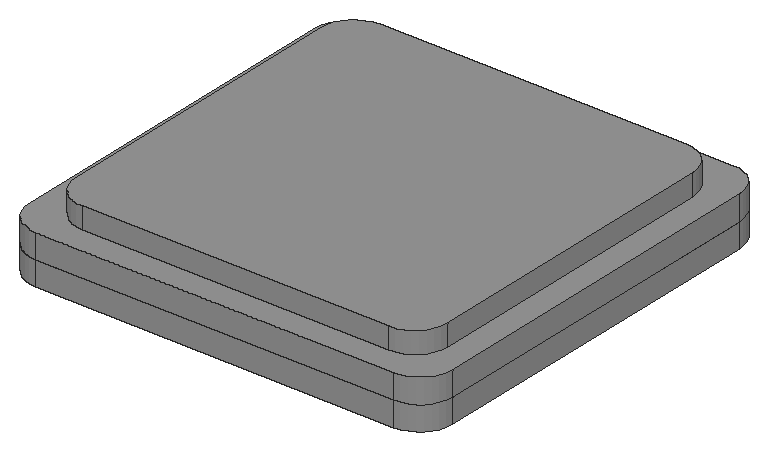
Revit family "FMS2_63_UN_Surface-mounted_ETK", category Lighting Fixtures, Revit 2019 (continued)
Definition of nested family "FMS.2 - Lightsource"
  Types (14, lengths in mm): name | Wattage Comments | Wattage | built-in parameter 1150134 | Photometric Web File | built-in parameter 1150142 | built-in parameter 1150105 | Lumens | built-in parameter 1150107 | built-in parameter 1150106 | Apparent Load
      .9056\t263.5693\t260.233\t256.8966\t253.5603\r\n250.0957\t246.631\t243.1664\t239.7018\t236.1088\t232.6442\t229.1795\t225.5866\t222.1219\t218.6573\r\n215.1926\t211.5997\t208.135\t204.6704\t201.0774\t197.6128\t194.1482\t190.5552\t187.0906\t183.6259\r\n180.1613\t176.6966\t173.232\t169.7674\t166.3027\t162.7098\t159.2451\t155.7805\t152.3158\t148.8512\r\n145.3866\t141.9219\t138.4573\t134.9926\t131.528\t128.1147\t124.65\t121.1854\t117.7208\t114.2561\r\n110.7915\t107.6605\t104.5936\t101.5268\t98.4599\t95.3931\t92.3262\t89.2594\t86.2054\t83.1385\r\n80.0717\t77.0048\t73.938\t70.8711\t67.8043\t64.7374\t61.6706\t58.6037\t55.5369\t52.4829\r\n49.416\t44.6169\t39.6765\t34.7362\t29.8087\t24.8684\t19.9281\t15.0006\t10.0603\t5.1238\r\n0.187\t0\t0\t0\t0\t0\t0\t0\t0\t0\r\n0\r\n473.6291\t472.9875\t472.4742\t471.8326\t471.191\t470.5494\t469.9078\t469.2662\t468.6246\t467.983\r\n467.3414\t466.6998\t466.0582\t465.4166\t464.775\t464.1334\t463.4918\t462.8502\t462.2086\t461.567\r\n460.9254\t459.5139\t457.9741\t456.3059\t454.6378\t452.9696\t451.3014\t449.6333\t447.8368\t446.1686\r\n444.5005\t442.8323\t441.1642\t439.496\t437.8278\t436.1597\t434.4915\t432.8234\t431.1552\t429.487\r\n427.6906\t425.7658\t423.1994\t420.7613\t418.1949\t415.7568\t413.1904\t410.7523\t408.1859\t405.7478\r\n403.1814\t400.615\t398.177\t395.6106\t393.1725\t390.6061\t388.0397\t385.6016\t383.0352\t380.5971\r\n378.0307\t375.336\t372.2563\t369.305\t366.2253\t363.1456\t360.0659\t356.9862\t354.0349\t350.9552\r\n347.8755\t344.7958\t341.7162\t338.7648\t335.6851\t332.6054\t329.5258\t326.5744\t323.4947\t320.415\r\n317.3354\t314.2557\t310.9194\t307.583\t304.1184\t300.7821\t297.4458\t294.1094\t290.6448\t287.3085\r\n283.9722\t280.5075\t277.1712\t273.8349\t270.4986\t267.0339\t263.6976\t260.3613\t256.8966\t253.5603\r\n250.224\t246.8877\t243.2947\t239.8301\t236.3654\t232.7725\t229.3078\t225.8432\t222.3786\t218.7856\r\n215.321\t211.8563\t208.2634\t204.7987\t201.3341\t197.7411\t194.2765\t190.8118\t187.3472\t183.7542\r\n180.2896\t176.825\t173.3603\t169.8957\t166.431\t162.9664\t159.5018\t156.0371\t152.5725\t149.1078\r\n145.6432\t142.1786\t138.7139\t135.2493\t131.7846\t128.32\t124.9195\t121.4677\t118.0159\t114.5641\r\n111.1123\t107.8273\t104.7733\t101.7064\t98.6524\t95.5984\t92.5316\t89.4775\t86.4235\t83.3695\r\n80.3155\t77.2486\t74.1946\t71.1406\t68.0866\t65.0326\t61.9786\t58.9245\t55.8705\t52.8165\r\n49.7625\t45.374\t40.408\t35.4548\t30.5017\t25.5357\t20.5825\t15.6294\t10.666\t5.7077\r\n0.7495\t0\t0\t0\t0\t0\t0\t0\t0\t0\r\n0\r\n473.6291\t473.1158\t472.4742\t471.8326\t471.191\t470.5494\t469.9078\t469.2662\t468.6246\t467.983\r\n467.3414\t466.6998\t466.0582\t465.4166\t464.775\t464.1334\t463.4918\t462.8502\t462.0803\t461.4387\r\n460.6688\t459.7706\t458.1024\t456.3059\t454.6378\t452.9696\t451.3014\t449.6333\t447.9651\t446.297\r\n444.6288\t442.8323\t441.1642\t439.496\t437.8278\t436.1597\t434.4915\t432.8234\t431.1552\t429.487\r\n427.6906\t426.0224\t423.7126\t421.1462\t418.7082\t416.1418\t413.5754\t411.009\t408.5709\t406.0045\r\n403.4381\t400.8717\t398.3053\t395.7389\t393.1725\t390.6061\t388.0397\t385.6016\t383.0352\t380.4688\r\n377.9024\t375.336\t372.7696\t369.6899\t366.6102\t363.5306\t360.4509\t357.3712\t354.2915\t351.2118\r\n348.1322\t345.0525\t342.1011\t339.0214\t335.9418\t332.8621\t329.7824\t326.7027\t323.623\t320.5434\r\n317.4637\t314.384\t311.3043\t307.968\t304.5034\t301.167\t297.7024\t294.3661\t291.0298\t287.5651\r\n284.2288\t280.7642\t277.4278\t274.0915\t270.6269\t267.2906\t263.9542\t260.4896\t257.1533\t253.817\r\n250.3523\t247.016\t243.5514\t240.0867\t236.6221\t233.1574\t229.5645\t226.0998\t222.6352\t219.0422\r\n215.5776\t212.113\t208.6483\t205.0554\t201.5907\t198.1261\t194.6614\t191.0685\t187.6038\t184.1392\r\n180.6746\t177.2099\t173.617\t170.2806\t166.816\t163.3514\t159.8867\t156.4221\t152.9574\t149.4928\r\n146.0282\t142.5635\t139.0989\t135.6342\t132.2979\t128.8333\t125.343\t121.904\t118.4522\t115.0132\r\n111.5614\t108.1096\t104.9529\t101.9117\t98.8577\t95.8037\t92.7625\t89.7213\t86.6673\t83.6261\r\n80.585\t77.5438\t74.5026\t71.4614\t68.4202\t65.379\t62.3379\t59.2967\t56.2683\t53.2271\r\n50.1988\t46.516\t41.5372\t36.5584\t31.5667\t26.5879\t21.6091\t16.6303\t11.6502\t6.6701\r\n1.6887\t0\t0\t0\t0\t0\t0\t0\t0\t0\r\n0\r\n473.6291\t473.1158\t472.4742\t471.8326\t471.191\t470.5494\t470.0362\t469.3946\t468.753\t468.1114\r\n467.4698\t466.8282\t466.1866\t465.545\t464.775\t464.0051\t463.3635\t462.5936\t461.952\t461.1821\r\n460.4122\t459.7706\t458.2307\t456.5626\t454.8944\t453.2262\t451.5581\t449.8899\t448.0934\t446.4253\r\n444.7571\t443.089\t441.4208\t439.6243\t437.9562\t436.288\t434.4915\t432.8234\t431.0269\t429.2304\r\n427.5622\t425.7658\t423.9693\t421.6595\t419.0931\t416.5267\t414.0886\t411.5222\t408.9558\t406.3894\r\n403.6947\t401.1283\t398.5619\t395.9955\t393.4291\t390.8627\t388.2963\t385.6016\t383.0352\t380.4688\r\n377.9024\t375.336\t372.7696\t370.2032\t367.1235\t364.0438\t360.9642\t357.8845\t354.8048\t351.7251\r\n348.6454\t345.5658\t342.4861\t339.4064\t336.1984\t333.1187\t330.039\t326.9594\t323.8797\t320.8\r\n317.592\t314.5123\t311.561\t308.353\t305.145\t301.6803\t298.344\t294.8794\t291.543\t288.0784\r\n284.6138\t281.2774\t277.8128\t274.4765\t271.0118\t267.6755\t264.3392\t260.8746\t257.5382\t254.2019\r\n250.7373\t247.401\t243.9363\t240.6\t237.1354\t233.5424\t230.0778\t226.4848\t223.0202\t219.5555\r\n215.9626\t212.4979\t209.0333\t205.4403\t201.9757\t198.511\t195.0464\t191.4534\t187.9888\t184.5242\r\n181.0595\t177.5949\t174.1302\t170.6656\t167.201\t163.7363\t160.2717\t156.807\t153.3424\t149.8778\r\n146.4131\t143.0768\t139.6122\t136.1475\t132.6829\t129.2182\t125.7793\t122.3403\t118.9141\t115.4752\r\n112.049\t108.61\t105.1839\t102.0657\t99.0374\t96.009\t92.9807\t89.9523\t86.924\t83.8956\r\n80.8673\t77.8517\t74.8362\t71.8079\t68.7924\t65.7768\t62.7741\t59.7586\t56.7431\t53.7404\r\n50.7249\t47.7222\t43.077\t38.0725\t33.0681\t28.0508\t23.0463\t18.0418\t13.0245\t8.0174\r\n3.0078\t0\t0\t0\t0\t0\t0\t0\t0\t0\r\n0\r\n473.6291\t473.1158\t472.4742\t471.8326\t471.3194\t470.6778\t470.0362\t469.3946\t468.8813\t468.2397\r\n467.5981\t466.8282\t466.0582\t465.4166\t464.6467\t464.0051\t463.2352\t462.4653\t461.6954\t461.0538\r\n460.2838\t459.3856\t458.6157\t456.9475\t455.2794\t453.6112\t451.943\t450.2749\t448.6067\t446.9386\r\n445.1421\t443.3456\t441.5491\t439.7526\t438.0845\t436.288\t434.4915\t432.695\t430.8986\t429.1021\r\n427.3056\t425.5091\t423.7126\t421.9162\t419.863\t417.2966\t414.7302\t412.1638\t409.4691\t406.9027\r\n404.208\t401.6416\t399.0752\t396.3805\t393.8141\t391.1194\t388.553\t385.9866\t383.2918\t380.7254\r\n378.0307\t375.336\t372.7696\t370.0749\t367.3802\t364.6854\t361.6058\t358.5261\t355.3181\t352.2384\r\n349.1587\t345.9507\t342.871\t339.663\t336.5834\t333.3754\t330.2957\t327.216\t324.008\t320.9283\r\n317.8486\t314.769\t311.561\t308.4813\t305.4016\t302.1936\t298.9856\t295.521\t292.0563\t288.5917\r\n285.2554\t281.7907\t278.3261\t274.9898\t271.5251\t268.0605\t264.7242\t261.2595\t257.9232\t254.4586\r\n251.1222\t247.6576\t244.3213\t240.8566\t237.392\t234.0557\t230.591\t227.1264\t223.5334\t220.0688\r\n216.4758\t213.0112\t209.5466\t206.0819\t202.489\t199.0243\t195.5597\t192.095\t188.6304\t185.0374\r\n181.5728\t178.1082\t174.6435\t171.1789\t167.7142\t164.2496\t160.785\t157.3203\t153.8557\t150.391\r\n146.9264\t143.4618\t139.9971\t136.6608\t133.1962\t129.7315\t126.3054\t122.8664\t119.4274\t116.0013\r\n112.5751\t109.149\t105.7228\t102.3095\t99.1015\t96.0988\t93.109\t90.1063\t87.1164\t84.1266\r\n81.1367\t78.1469\t75.1699\t72.1928\t69.2158\t66.2388\t63.2618\t60.2847\t57.3077\t54.3435\r\n51.3665\t48.4023\t45.0916\t40.0487\t35.0057\t29.9499\t24.9069\t19.8639\t14.8081\t9.76\r\n4.7106\t0\t0\t0\t0\t0\t0\t0\t0\t0\r\n0\r\n473.6291\t473.1158\t472.4742\t471.961\t471.3194\t470.8061\t470.1645\t469.6512\t469.0096\t468.2397\r\n467.5981\t466.8282\t466.0582\t465.4166\t464.6467\t463.8768\t463.1069\t462.337\t461.567\t460.7971\r\n460.0272\t459.2573\t458.4874\t457.7174\t456.0493\t454.2528\t452.4563\t450.7882\t448.9917\t447.1952\r\n445.3987\t443.6022\t441.9341\t440.1376\t438.2128\t436.4163\t434.6198\t432.695\t430.8986\t429.1021\r\n427.3056\t425.3808\t423.456\t421.5312\t419.6064\t417.8099\t415.5002\t412.9338\t410.239\t407.6726\r\n404.9779\t402.2832\t399.5885\t396.8938\t394.199\t391.5043\t388.9379\t386.2432\t383.5485\t380.8538\r\n378.159\t375.4643\t372.6413\t369.9466\t367.2518\t364.5571\t361.9907\t359.296\t356.2163\t353.0083\r\n349.8003\t346.5923\t343.3843\t340.3046\t337.0966\t333.8886\t330.809\t327.601\t324.393\t321.185\r\n318.1053\t314.8973\t311.8176\t308.6096\t305.4016\t302.3219\t299.1139\t296.0342\t292.9546\t289.4899\r\n286.0253\t282.689\t279.2243\t275.7597\t272.295\t268.8304\t265.3658\t261.9011\t258.4365\t254.9718\r\n251.6355\t248.1709\t244.7062\t241.2416\t237.9053\t234.4406\t231.1043\t227.6397\t224.3034\t220.7104\r\n217.2458\t213.6528\t210.1882\t206.5952\t203.1306\t199.5376\t196.073\t192.6083\t189.0154\t185.5507\r\n182.0861\t178.6214\t175.1568\t171.6922\t168.2275\t164.7629\t161.2982\t157.8336\t154.369\t150.9043\r\n147.4397\t143.975\t140.6387\t137.1741\t133.7094\t130.2448\t126.87\t123.4567\t120.0562\t116.6429\r\n113.2424\t109.8419\t106.4543\t103.0666\t99.679\t96.3042\t93.3271\t90.3501\t87.3859\t84.4217\r\n81.4704\t78.5062\t75.5548\t72.6035\t69.6521\t66.7007\t63.7622\t60.8237\t57.8852\t54.9466\r\n52.0081\t49.0824\t46.1439\t42.4354\t37.3411\t32.2468\t27.1653\t22.071\t16.9767\t11.8863\r\n6.7945\t1.7028\t0\t0\t0\t0\t0\t0\t0\t0\r\n0\r\n473.6291\t473.1158\t472.6026\t472.0893\t471.4477\t470.9344\t470.2928\t469.7795\t469.0096\t468.368\r\n467.5981\t466.8282\t466.1866\t465.4166\t464.6467\t463.8768\t463.1069\t462.337\t461.567\t460.7971\r\n459.8989\t459.129\t458.2307\t457.3325\t456.3059\t454.8944\t453.0979\t451.3014\t449.6333\t447.8368\r\n445.912\t444.1155\t442.319\t440.3942\t438.5978\t436.8013\t434.8765\t432.9517\t431.0269\t429.1021\r\n427.1773\t425.2525\t423.1994\t421.2746\t419.2214\t417.2966\t415.2435\t413.3187\t411.2656\t408.6992\r\n406.0045\t403.1814\t400.4867\t397.6637\t394.969\t392.1459\t389.4512\t386.7565\t383.9334\t381.1104\r\n378.4157\t375.5926\t372.8979\t370.0749\t367.3802\t364.5571\t361.7341\t358.911\t356.2163\t353.3933\r\n350.5702\t347.4906\t344.2826\t341.0746\t337.8666\t334.6586\t331.4506\t328.2426\t325.0346\t321.6982\r\n318.4902\t315.2822\t312.0742\t308.8662\t305.6582\t302.4502\t299.3706\t296.1626\t292.9546\t289.7466\r\n286.6669\t283.4589\t280.1226\t276.5296\t273.065\t269.6003\t266.1357\t262.671\t259.0781\t255.6134\r\n252.1488\t248.6842\t245.2195\t241.8832\t238.4186\t234.9539\t231.4893\t228.0246\t224.6883\t221.2237\r\n217.759\t214.4227\t210.8298\t207.2368\t203.7722\t200.1792\t196.7146\t193.1216\t189.657\t186.1923\r\n182.7277\t179.1347\t175.6701\t172.2054\t168.7408\t165.2762\t161.8115\t158.4752\t155.0106\t151.5459\r\n148.0813\t144.6166\t141.152\t137.8157\t134.351\t130.8864\t127.5244\t124.1239\t120.7235\t117.3358\r\n113.9482\t110.5733\t107.2114\t103.8365\t100.4874\t97.1254\t93.7891\t90.5298\t87.5912\t84.6655\r\n81.7398\t78.8141\t75.9013\t72.9884\t70.0756\t67.1627\t64.2627\t61.3498\t58.4498\t55.5626\r\n52.6625\t49.7882\t46.901\t44.0138\t40.1513\t35.0057\t29.8601\t24.7144\t19.5688\t14.4232\r\n9.275\t4.1268\t0\t0\t0\t0\t0\t0\t0\t0\r\n0\r\n473.6291\t473.1158\t472.6026\t472.0893\t471.576\t471.0627\t470.5494\t469.7795\t469.1379\t468.368\r\n467.7264\t466.9565\t466.3149\t465.545\t464.775\t464.0051\t463.2352\t462.337\t461.567\t460.6688\r\n459.7706\t458.8723\t457.8458\t456.9475\t456.0493\t455.0227\t453.9962\t452.0714\t450.2749\t448.4784\r\n446.6819\t444.8854\t442.9606\t441.0358\t439.111\t437.0579\t435.1331\t433.2083\t431.2835\t429.2304\r\n427.1773\t425.2525\t423.1994\t421.1462\t419.2214\t417.1683\t414.9869\t412.9338\t410.8806\t408.6992\r\n406.5178\t404.3363\t401.5133\t398.6902\t395.8672\t393.1725\t390.3494\t387.6547\t384.8317\t381.8803\r\n379.0573\t376.2342\t373.2829\t370.4598\t367.6368\t364.8138\t361.8624\t359.0394\t356.2163\t353.265\r\n350.4419\t347.6189\t344.6675\t341.8445\t338.8931\t335.5568\t332.3488\t329.0125\t325.8045\t322.5965\r\n319.2602\t315.9238\t312.7158\t309.3795\t306.1715\t302.8352\t299.6272\t296.4192\t293.0829\t289.8749\r\n286.6669\t283.4589\t280.2509\t277.0429\t273.8349\t270.6269\t267.1622\t263.6976\t260.1046\t256.64\r\n253.1754\t249.5824\t246.1178\t242.6531\t239.0602\t235.5955\t232.1309\t228.6662\t225.2016\t221.737\r\n218.2723\t214.8077\t211.343\t208.0067\t204.5421\t201.0774\t197.4845\t194.0198\t190.5552\t186.9622\r\n183.4976\t180.033\t176.44\t172.9754\t169.5107\t166.0461\t162.5814\t159.1168\t155.6522\t152.1875\r\n148.8512\t145.3866\t142.0502\t138.5856\t135.121\t131.6563\t128.2943\t124.8939\t121.5062\t118.1186\r\n114.7437\t111.3818\t108.0326\t104.6835\t101.3471\t98.0108\t94.6873\t91.3638\t88.0532\t84.8067\r\n81.9323\t79.0451\t76.1708\t73.3092\t70.4348\t67.5861\t64.7246\t61.8759\t59.0272\t56.1785\r\n53.3426\t50.5068\t47.6837\t44.8607\t42.0376\t38.2907\t33.0681\t27.8583\t22.6356\t17.413\r\n12.184\t6.9588\t1.7323\t0\t0\t0\t0\t0\t0\t0\r\n0\r\n473.6291\t473.2442\t472.7309\t472.2176\t471.7043\t471.191\t470.6778\t469.9078\t469.2662\t468.4963\r\n467.8547\t467.0848\t466.4432\t465.6733\t464.9034\t464.1334\t463.3635\t462.4653\t461.567\t460.5405\r\n459.6422\t458.6157\t457.7174\t456.6909\t455.6643\t454.6378\t453.4829\t452.4563\t451.3014\t449.3766\r\n447.4518\t445.527\t443.6022\t441.6774\t439.7526\t437.6995\t435.7747\t433.7216\t431.6685\t429.7437\r\n427.6906\t425.5091\t423.456\t421.2746\t419.0931\t416.9117\t414.8586\t412.5488\t410.3674\t408.1859\r\n406.1328\t403.9514\t401.7699\t399.4602\t397.1504\t394.584\t391.6326\t388.8096\t385.8582\t382.9069\r\n380.0838\t377.1325\t374.1811\t371.2298\t368.4067\t365.4554\t362.504\t359.5526\t356.6013\t353.6499\r\n350.6986\t347.6189\t344.6675\t341.7162\t338.7648\t335.8134\t332.8621\t329.7824\t326.831\t323.623\r\n320.2867\t316.9504\t313.6141\t310.4061\t307.0698\t303.7334\t300.3971\t297.0608\t293.7245\t290.3882\r\n287.1802\t283.8438\t280.5075\t277.1712\t273.9632\t270.6269\t267.4189\t264.2109\t261.0029\t257.7949\r\n254.4586\t250.8656\t247.2726\t243.808\t240.215\t236.7504\t233.1574\t229.5645\t226.0998\t222.6352\r\n219.0422\t215.5776\t212.113\t208.6483\t205.1837\t201.719\t198.2544\t194.9181\t191.4534\t187.9888\r\n184.3958\t180.9312\t177.3382\t173.8736\t170.2806\t166.816\t163.3514\t159.8867\t156.4221\t152.9574\r\n149.4928\t146.0282\t142.6918\t139.2272\t135.7626\t132.4262\t129.0899\t125.6381\t122.2505\t118.8756\r\n115.5137\t112.1773\t108.841\t105.5047\t102.1812\t98.8706\t95.5599\t92.2749\t88.9899\t85.7306\r\n82.4713\t79.2119\t76.3247\t73.5017\t70.6915\t67.8813\t65.0839\t62.2865\t59.502\t56.7303\r\n53.9586\t51.1997\t48.4408\t45.6948\t42.9487\t40.2027\t36.9048\t31.5796\t26.2414\t20.9162\r\n15.578\t10.2464\t4.9108\t0\t0\t0\t0\t0\t0\t0\r\n0\r\n473.6291\t473.2442\t472.8592\t472.3459\t471.8326\t471.4477\t470.8061\t470.0362\t469.3946\t468.753\r\n468.1114\t467.3414\t466.6998\t465.9299\t465.16\t464.2618\t463.4918\t462.4653\t461.4387\t460.5405\r\n459.6422\t458.744\t457.5891\t456.5626\t455.4077\t454.2528\t453.2262\t451.943\t450.6598\t449.3766\r\n448.0934\t446.6819\t444.6288\t442.704\t440.6509\t438.7261\t436.673\t434.6198\t432.5667\t430.3853\r\n428.2038\t426.0224\t423.841\t421.6595\t419.4781\t417.1683\t414.9869\t412.8054\t410.624\t408.3142\r\n405.8762\t403.5664\t401.2566\t398.9469\t396.5088\t394.199\t391.761\t389.4512\t387.0131\t384.7034\r\n381.752\t378.8006\t375.721\t372.6413\t369.5616\t366.6102\t363.6589\t360.5792\t357.4995\t354.4198\r\n351.3402\t348.2605\t345.1808\t342.1011\t339.0214\t335.9418\t332.9904\t329.9107\t326.831\t323.7514\r\n320.6717\t317.592\t314.5123\t311.4326\t308.4813\t305.0166\t301.552\t298.0874\t294.751\t291.2864\r\n287.9501\t284.6138\t281.2774\t277.8128\t274.4765\t271.1402\t267.8038\t264.4675\t261.1312\t257.7949\r\n254.4586\t251.2506\t247.9142\t244.5779\t241.3699\t238.1619\t234.569\t230.976\t227.383\t223.7901\r\n220.1971\t216.6042\t213.1395\t209.5466\t206.0819\t202.6173\t199.0243\t195.5597\t192.095\t188.6304\r\n185.1658\t181.7011\t178.3648\t174.9002\t171.4355\t167.8426\t164.2496\t160.785\t157.192\t153.7274\r\n150.2627\t146.7981\t143.3334\t139.9971\t136.5325\t133.0678\t129.7315\t126.331\t122.9562\t119.6071\r\n116.2579\t112.9088\t109.5853\t106.2746\t102.9768\t99.7046\t96.4325\t93.1988\t89.9652\t86.7443\r\n83.5363\t80.354\t77.1716\t73.9893\t70.961\t68.2021\t65.456\t62.71\t59.9896\t57.2692\r\n54.5617\t51.8541\t49.1594\t46.4775\t43.7956\t41.1266\t38.4575\t35.8013\t30.5145\t25.0352\r\n19.556\t14.0639\t8.5795\t3.0887\t0\t0\t0\t0\t0\t0\r\n0\r\n473.6291\t473.2442\t472.8592\t472.4742\t471.961\t471.576\t470.9344\t470.2928\t469.6512\t469.0096\r\n468.2397\t467.5981\t466.9565\t466.1866\t465.2883\t464.5184\t463.4918\t462.5936\t461.6954\t460.7971\r\n459.7706\t458.6157\t457.5891\t456.4342\t455.2794\t454.1245\t452.8413\t451.5581\t450.2749\t448.8634\r\n447.5802\t446.1686\t444.7571\t443.3456\t441.9341\t440.0093\t437.8278\t435.6464\t433.465\t431.2835\r\n429.1021\t426.9206\t424.7392\t422.5578\t420.248\t417.9382\t415.6285\t413.1904\t410.8806\t408.4426\r\n406.1328\t403.6947\t401.2566\t398.8186\t396.3805\t393.9424\t391.5043\t389.0662\t386.4998\t383.9334\r\n381.367\t378.929\t376.3626\t373.7962\t371.2298\t368.4067\t365.327\t362.2474\t359.0394\t355.8314\r\n352.6234\t349.5437\t346.464\t343.256\t340.048\t336.84\t333.7603\t330.5523\t327.3443\t324.1363\r\n321.0566\t317.8486\t314.6406\t311.561\t308.353\t305.145\t301.937\t298.8573\t295.6493\t292.5696\r\n289.3616\t286.0253\t282.5606\t279.096\t275.6314\t272.1667\t268.7021\t265.2374\t261.9011\t258.4365\r\n254.9718\t251.6355\t248.1709\t244.8346\t241.4982\t238.1619\t234.8256\t231.4893\t228.2813\t224.945\r\n221.6086\t218.2723\t214.8077\t211.2147\t207.4934\t203.9005\t200.1792\t196.7146\t193.1216\t189.657\r\n186.064\t182.5994\t179.0064\t175.5418\t172.0771\t168.4842\t165.0195\t161.6832\t158.2186\t154.7539\r\n151.2893\t147.6963\t144.2317\t140.767\t137.3024\t133.9661\t130.5014\t127.0753\t123.7005\t120.3385\r\n117.0022\t113.6787\t110.3809\t107.083\t103.8109\t100.5516\t97.3051\t94.0842\t90.8762\t87.6811\r\n84.5116\t81.342\t78.1982\t75.08\t71.9619\t68.8565\t65.764\t62.9281\t60.2591\t57.6028\r\n54.9595\t52.3289\t49.7112\t47.1063\t44.5014\t41.9221\t39.3429\t36.7637\t34.1973\t29.9242\r\n24.2268\t18.5422\t12.8448\t7.1513\t
